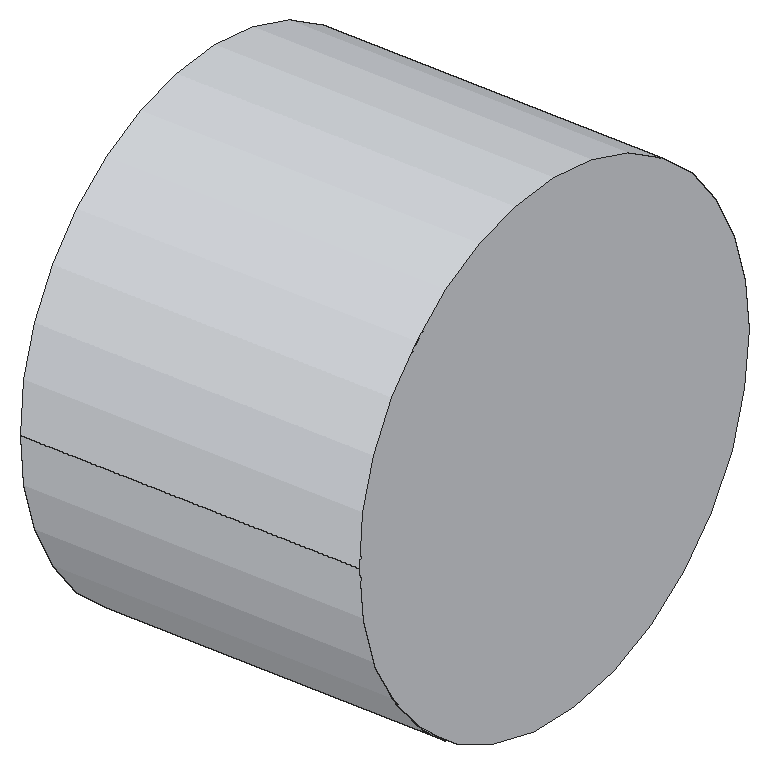
Revit family "Plugue - Soldado - CU", category Conexões de tubo, Revit 2019
Family settings
  Cota do conector redondo = Usar raio
  Tipo de parte = Cobertura
  Com base no plano de trabalho = Não
  Sempre na vertical = Sim
  Corte com vazios quando carregada = Não
  Compartilhado = Não
Parameters (values of type "Padrão")
  Espessura da parede [instance] = size_lookup(Nome da tabela de pesquisa, "WThk", 0.01 * Diâmetro nominal + 0.4 mm, Diâmetro nominal)  # 0.86 mm
  Largura do soquete [instance] = size_lookup(Nome da tabela de pesquisa, "SWid", 0.49 * Diâmetro nominal + 8.7 mm, Diâmetro nominal)  # 30.5 mm
  Raio externo do soquete [instance] = Diâmetro externo do soquete / 2  # 21.86 mm
  Diâmetro externo do soquete [instance] = Diâmetro nominal + 2 * Espessura da parede  # 43.72 mm
  Raio nominal [instance] = 21 mm
  Diâmetro nominal [instance] = Raio nominal * 2  # 42 mm
  Método de perda = Não definido
  Nome da tabela de pesquisa = "BR_Plug - Soldered - CU"
  K Coefficient Table = (empty or 0)
Reference planes
  plane 1 "Centro (frente/trás)": y = 0
  plane 2: z = 0
  plane 3 "Centro (direita/esquerda)": x = 0
  plane 4: x = 30.5
  plane 5: y = 21.86
  plane 6: y = -21.86
Forms (mm)
  Sweep 1, solid, detail levels fine
    path origin (0, 0, 0) x (1, 0, 0) y (0, 1, 0)
      loop
        line (0, 0) -> (30.5, 0)
    profile origin (15.25, 0, 0) x (0, 1, 0) y (0, 0, 1)
      loop
        circle (0, 0) r 21.86
Lines and regions (mm)
  model lines, detail levels coarse+medium
    curve 1: line (0, 21.86, 0) -> (30.5, 21.86, 0)
    curve 2: line (30.5, 21.86, 0) -> (30.5, -21.86, 0)
    curve 3: line (0, -21.86, 0) -> (30.5, -21.86, 0)
Dimensions and locks
  "Largura do soquete": plane 3 "Centro (direita/esquerda)" to plane 4
  "Raio externo do soquete": plane 5 to plane 1 "Centro (frente/trás)"
  equal spacing: plane 5, plane 1 "Centro (frente/trás)", plane 6
  "Raio externo do soquete": radius of Sweep 1 sketch curve
  aligned and locked: plane 3 "Centro (direita/esquerda)" to Sweep 1 sketch curve
  aligned and locked: plane 4 to Sweep 1 sketch curve
  aligned and locked: plane 1 "Centro (frente/trás)" to Sweep 1 sketch curve
  aligned and locked: plane 3 "Centro (direita/esquerda)" to curve 1
  aligned and locked: curve 1 to plane 5
  aligned and locked: plane 5 to curve 2
  aligned and locked: plane 6 to curve 2
  aligned and locked: curve 2 to plane 4
  aligned and locked: plane 3 "Centro (direita/esquerda)" to curve 3
  aligned and locked: plane 4 to curve 3
  aligned and locked: plane 6 to curve 3
Automatic sketch dimensions
  Sweep 1 sketch curve to level = 0 mm
  Sweep 1 sketch curve to profile plane = 0 mm
Connectors
  piping at (0, 0, 0), diameter 42, driven by "Raio nominal"
    settings: on Sweep 1, index 1, connector inside diameter 42 mm, connector length 0 mm, flow factor 0, pipe flow 0.0 L/s, pressure drop 0.0 Pa, fitting loss kfactor 0, connector angle 0.00°, fixture units 0, engagement length 0 mm, angle of deflection 0.00°, flow configuration 0, flow direction 0, fitting loss method 0, system type 28, joint type 0, gender type 0, connector reference index -1, connector utility 0, adjustable connector no, is connector primary yes, connector description ""
